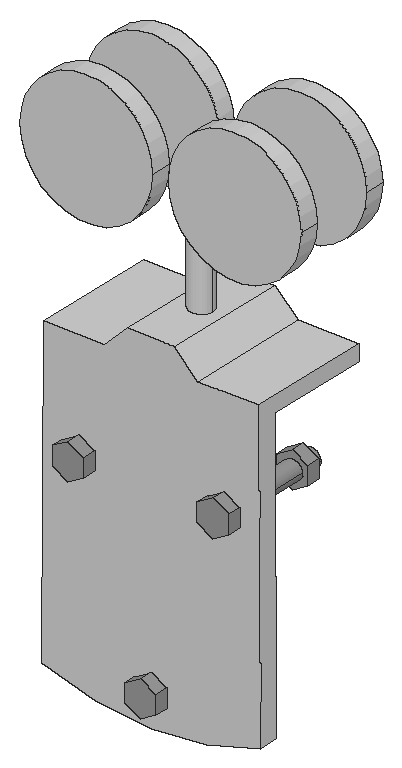
Revit family "087100_14 - Sliding and Folding Door Hardware - 5040 Box Rail Hangers", category Generic Models, Revit 2017
Family settings
  Can host rebar = No
  Round Connector Dimension = Use Diameter
  Part Type = Normal
  Work Plane-Based = Yes
  Always vertical = No
  Cut with Voids When Loaded = No
  Shared = No
  Room Calculation Point = No
Parameters
  Default Elevation = 4' - 0"
  Bracket Material = BOX RAIL HANGER (NATIONAL 5040)
Reference planes (in)
  plane 1 "Center (Front/Back)": y = 0
  plane 2: z = 0
  plane 3 "Center (Left/Right)": x = 0
  plane 4: z = -1.47582
  plane 5: z = -4.47724
  plane 6: x = -1.16055
  plane 7: x = 1.16055
Forms (in)
  Extrusion 1, solid, material "BOX RAIL HANGER (NATIONAL 5040)" <- "Bracket Material"
    sketch origin (-100.50115, -0.5, -100.45825) x (1, 0, 0) y (0, 0, 1)
      loop
        circle (99.31421, 103.28601) r 1.06629
      loop
        circle (101.69034, 103.28601) r 1.06629
    from 0 to 0.3125
  Extrusion 2, solid, material "BOX RAIL HANGER (NATIONAL 5040)" <- "Bracket Material"
    sketch origin (-36.89445, -10.9108, -85.29582) x (1, 0, 0) y (0, 1, 0)
      loop
        circle (36.89186, 10.9108) r 0.1875
    from 85.29582 to 88.19162
  Extrusion 3, solid, material "BOX RAIL HANGER (NATIONAL 5040)" <- "Bracket Material"
    sketch origin (-101.82907, 1, -101.78618) x (1, 0, 0) y (0, 0, 1)
      loop
        line (100.10661, 101.78618) -> (101.18227, 101.78618) -> (101.55244, 102.15635) -> (102.10569, 102.15635) -> (102.47587, 101.78618) -> (103.55153, 101.78618) -> (103.55001, 102.03618) -> (102.57943, 102.03618) -> (102.20924, 102.40635) -> (101.44889, 102.40635) -> (101.07872, 102.03618) -> (100.10813, 102.03618) -> (100.10661, 101.78618)
    from 0 to 2
  Extrusion 4, solid, material "BOX RAIL HANGER (NATIONAL 5040)" <- "Bracket Material"
    sketch origin (-102.58341, -0.6875, -102.68516) x (1, 0, 0) y (0, 0, 1)
      loop
        arc (100.83259, 98.01695) -> (102.58341, 97.68268) -> (104.33422, 98.01695) r 4.75226
        line (104.33422, 98.01695) -> (104.30435, 102.93516) -> (103.33376, 102.93516) -> (102.96358, 103.30533) -> (102.20322, 103.30533) -> (101.83305, 102.93516) -> (100.86246, 102.93516) -> (100.83259, 98.01695)
      loop
        line (101.25128, 101.38093) -> (101.25128, 101.03776) -> (101.59444, 101.03776) -> (101.59444, 101.38093) -> (101.25128, 101.38093)
      loop
        line (103.57238, 101.38093) -> (103.57238, 101.03776) -> (103.91554, 101.03776) -> (103.91554, 101.38093) -> (103.57238, 101.38093)
      loop
        line (102.41183, 98.37951) -> (102.41183, 98.03634) -> (102.75499, 98.03634) -> (102.75499, 98.37951) -> (102.41183, 98.37951)
    from 0 to 0.3125
  Extrusion 5, solid, material "BOX RAIL HANGER (NATIONAL 5040)" <- "Bracket Material"
    sketch origin (-100.50115, 0.5, -100.45825) x (1, 0, 0) y (0, 0, -1)
      loop
        circle (99.31421, -103.28601) r 1.06629
      loop
        circle (101.69034, -103.28601) r 1.06629
    from 0 to 0.3125
Cuts and joins
  joined: Extrusion 3, Extrusion 4
Dimensions and locks (in)
  aligned and locked: plane 2 to level
Nested families (in)
  nested 1: "Lag Bolt" at (1.16055, -1, -1.47582) x (1, 0, 0) z (0, -1, 0), type "ONE"
    with Thickness_of_Substrate 0' - 1 3/8", Nut_Visibility yes, Bolt Material (Size) STRUCTURAL BOLTS (PAINT TO MATCH STEEL FINISH), Side 0' - 0 37/128", Radius 0' - 0 5/32", Length 0' - 1 3/4", Head Size 0' - 0 1/2", Head Radius 0' - 0 1/4", Head Height 0' - 0 7/32", Diameter 0' - 0 5/16"
  nested 2: "Lag Bolt" at (-1.16055, -1, -1.47582) x (1, 0, 0) z (0, -1, 0), type "ONE"
    with Thickness_of_Substrate 0' - 1 3/8", Nut_Visibility yes, Bolt Material (Size) STRUCTURAL BOLTS (PAINT TO MATCH STEEL FINISH), Side 0' - 0 37/128", Radius 0' - 0 5/32", Length 0' - 1 3/4", Head Size 0' - 0 1/2", Head Radius 0' - 0 1/4", Head Height 0' - 0 7/32", Diameter 0' - 0 5/16"
  nested 3: "Lag Bolt" at (0, -1, -4.47724) x (1, 0, 0) z (0, -1, 0), type "ONE"
    with Thickness_of_Substrate 0' - 1 3/8", Nut_Visibility yes, Bolt Material (Size) STRUCTURAL BOLTS (PAINT TO MATCH STEEL FINISH), Side 0' - 0 37/128", Radius 0' - 0 5/32", Length 0' - 1 3/4", Head Size 0' - 0 1/2", Head Radius 0' - 0 1/4", Head Height 0' - 0 7/32", Diameter 0' - 0 5/16"
Definition of nested family "Lag Bolt"
  Parameters (values of type "1/2" x 3"")
    Thickness_of_Substrate [instance] = 0' - 1"
    Side = Head Size * 0.57812  # 0' - 0 111/256"
    Radius = Diameter / 2  # 0' - 0 1/4"
    Nut_Visibility [instance] = yes
    Length = 0' - 3"
    Head Size = 0' - 0 3/4"
    Head Radius = Head Size / 2  # 0' - 0 3/8"
    Head Height = 0' - 0 27/64"
    Diameter = 0' - 0 1/2"
    Default Elevation = 4' - 0"
    Bolt Material (Size) [instance] = none
  Types (10): name | Side | Radius | Length | Head Size | Head Radius | Head Height | Diameter
    1/2" x 3" | 0' - 0 111/256" | 0' - 0 1/4" | 0' - 3" | 0' - 0 3/4" | 0' - 0 3/8" | 0' - 0 27/64" | 0' - 0 1/2"
    1/4" x 3" | 0' - 0.25293" | 0' - 0 1/8" | 0' - 3" | 0' - 0 7/16" | 0' - 0 7/32" | 0' - 0 11/64" | 0' - 0 1/4"
    5/16" x 3" | 0' - 0 37/128" | 0' - 0 5/32" | 0' - 3" | 0' - 0 1/2" | 0' - 0 1/4" | 0' - 0 7/32" | 0' - 0 5/16"
    3/8" x 3" | 0' - 0.3252" | 0' - 0 3/16" | 0' - 3" | 0' - 0 9/16" | 0' - 0 9/32" | 0' - 0 1/4" | 0' - 0 3/8"
    7/16" x 3" | 0' - 0.36133" | 0' - 0 7/32" | 0' - 3" | 0' - 0 5/8" | 0' - 0 5/16" | 0' - 0 19/64" | 0' - 0 7/16"
    5/8" x 3" | 0' - 0.54199" | 0' - 0 5/16" | 0' - 3" | 0' - 0 15/16" | 0' - 0 15/32" | 0' - 0 27/64" | 0' - 0 5/8"
    1/2" x 2 1/2" | 0' - 0 111/256" | 0' - 0 1/4" | 0' - 2 1/2" | 0' - 0 3/4" | 0' - 0 3/8" | 0' - 0 11/32" | 0' - 0 1/2"
    3/4" x 2" | 0' - 0.65039" | 0' - 0 3/8" | 0' - 2" | 0' - 1 1/8" | 0' - 0 9/16" | 0' - 0 1/2" | 0' - 0 3/4"
    3/8" x 1" | 0' - 0.3252" | 0' - 0 3/16" | 0' - 1" | 0' - 0 9/16" | 0' - 0 9/32" | 0' - 0 1/4" | 0' - 0 3/8"
    1/2" x 4" | 0' - 0 111/256" | 0' - 0 1/4" | 0' - 4" | 0' - 0 3/4" | 0' - 0 3/8" | 0' - 0 1/2" | 0' - 0 1/2"
  Reference planes (in)
    plane 1 "Center (Front/Back)": y = 0
    plane 2: z = 0
    plane 3 "Center (Left/Right)": x = 0
    plane 4: z = 0.42187
    plane 5: z = -3
    plane 6: y = 0
    plane 7: x = 0
    plane 8: z = -1
  Forms (in)
    Extrusion 1, solid, material <- "Bolt Material (Size)"
      sketch origin (0, 0, 0) x (1, 0, 0) y (0, 1, 0)
        loop
          circle (0, 0) r 0.25
      from -3 to 0
  Lines and regions (in)
    model lines
      curve 1: line (0, -0.64952, 0.42188) -> (0, 0.64952, 0.42188)
      curve 2: line (0.375, 0, 0.42188) -> (-0.375, 0, 0.42188)
    symbolic lines
      curve 3: line (0, 0, 0.42187) -> (0, 0, -3)
      curve 4: line (0, 0, 0.42187) -> (0, 0, -3)
  Dimensions and locks (in)
    "Head Height": plane 4 to level
    "Length": level to plane 5
    "Thickness_of_Substrate": level to plane 8
    "Radius": radius of Extrusion 1 sketch curve
    aligned and locked: level to plane 2
    aligned and locked: Extrusion 1 to plane 5
    aligned and locked: plane 7 to curve 1
    aligned and locked: plane 6 to curve 2
    aligned and locked: plane 6 to curve 4
  Automatic sketch dimensions
    curve 3 to plane 3 "Center (Left/Right)" = 0' - 0"
    curve 3 to plane 5 = 0' - 0"
    curve 3 to plane 4 = 0' - 0"
    curve 4 to plane 5 = 0' - 0"
    curve 4 to plane 4 = 0' - 0"
    curve 1 to curve 2 = 0' - 0.64952"
    curve 2 to curve 1 = 0' - 0.64952"
    curve 2 to nested 1 = 0' - 0"  (x2)
    plane 1 "Center (Front/Back)" to Extrusion 1 sketch curve = 0' - 0"
    Extrusion 1 sketch curve to plane 3 "Center (Left/Right)" = 0' - 0"
  Nested families (in)
    nested 1: "Nut" at (0, 0, 0), Diameter <- "Diameter", Head Height <- "Head Height", Head Size <- "Head Size", Bolt Material (Size) <- "Bolt Material (Size)", type "one"
      with Side 0' - 0 111/256", Radius 0' - 0 1/4", Head Size 0' - 0 3/4", Head Radius 0' - 0 3/8", Head Height 0' - 0 27/64", Diameter 0' - 0 1/2", Bolt Material (Size) none
    nested 2: "Nut" at (0, 0, -1) x (1, 0, 0) z (0, 0, -1), Diameter <- "Diameter", Head Height <- "Head Height", Head Size <- "Head Size", visible <- "Nut_Visibility", type "one"
      with Side 0' - 0 111/256", Radius 0' - 0 1/4", Head Size 0' - 0 3/4", Head Radius 0' - 0 3/8", Head Height 0' - 0 27/64", Diameter 0' - 0 1/2", Bolt Material (Size) none
  Definition of nested family "Nut"
    Parameters (values of type "one")
      Side [instance] = Head Size * 0.57812  # 0' - 0 111/256"
      Radius [instance] = Diameter / 2  # 0' - 0 1/4"
      Head Size [instance] = 0' - 0 3/4"
      Head Radius [instance] = Head Size / 2  # 0' - 0 3/8"
      Head Height [instance] = 0' - 0 11/32"
      Diameter [instance] = 0' - 0 1/2"
      Default Elevation = 4' - 0"
      Bolt Material (Size) [instance] = none
    Reference planes (in)
      plane 1 "Center (Front/Back)": y = 0
      plane 2: z = 0
      plane 3 "Center (Left/Right)": x = 0
      plane 4: z = 0.34375
      plane 5: y = 0
      plane 6: x = 0
    Forms (in)
      Extrusion 1, solid, material <- "Bolt Material (Size)"
        sketch origin (0, 0, 0) x (1, 0, 0) y (0, 1, 0)
          loop
            line (0, 0.43301) -> (-0.375, 0.21651) -> (-0.375, -0.21651) -> (0, -0.43301) -> (0.375, -0.21651) -> (0.375, 0.21651) -> (0, 0.43301)
        from 0 to 0.34375
    Lines and regions (in)
      symbolic lines
        curve 1: line (0, 0, 0.34375) -> (0, 0, -3)
    Dimensions and locks (in)
      "Head Height": plane 4 to level
      "Head Radius": Extrusion 1 sketch curve to plane 3 "Center (Left/Right)"
      "Head Radius": Extrusion 1 sketch curve to plane 6
      "Head Radius": Extrusion 1 sketch curve to plane 5  (x2)
      locked: Extrusion 1 sketch curve to Extrusion 1 sketch curve (angle 120.00°)  (x5)
      aligned and locked: level to plane 2
      aligned and locked: Extrusion 1 to plane 4
      aligned and locked: plane 5 to curve 1
    Automatic sketch dimensions
      curve 1 to plane 4 = 0' - 0"
      curve 1 to level = 0' - 3"
      Extrusion 1 sketch curve to plane 3 "Center (Left/Right)" = 0' - 0"  (x2)
